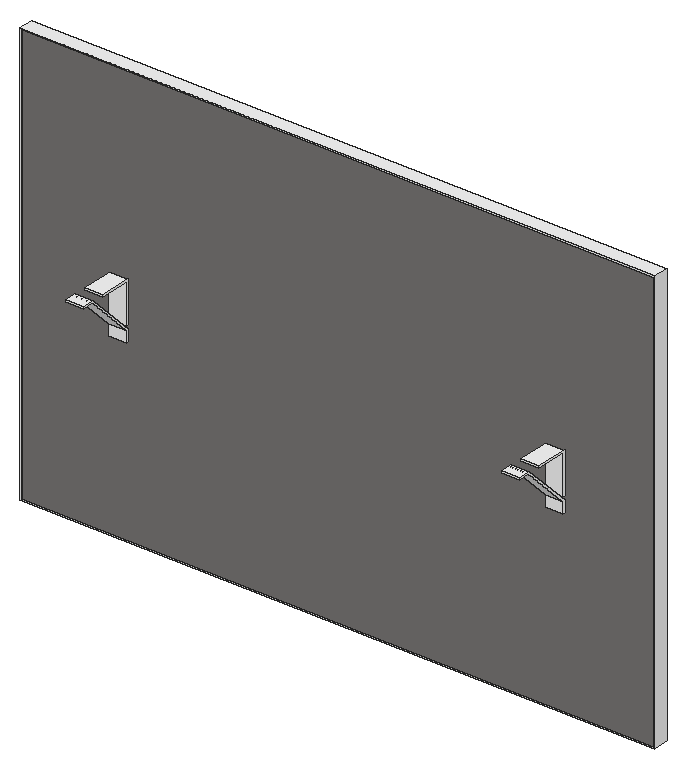
Revit family "Screens-Worksurface_Mounted-Teknion-JNSEFW-Fabric_Elevated-R20161", category Furniture, Revit 2016
Family settings
  OmniClass Number = 23.40.20.00
  OmniClass Title = General Furniture and Specialties
  Work Plane-Based = No
  Always vertical = Yes
  Cut with Voids When Loaded = No
  Shared = Yes
  Room Calculation Point = No
Parameters (values of type "Standard Width")
  Worksurface Only [instance] = yes
  To render, please download texture images found here [instance] = "https://assets.teknion.com/web/5e81352c1dfdb467/revit-material-swatches/"
  Support Connection on Right Side [instance] = no
  Support Connection on Left Side [instance] = no
  Right Offset [instance] = if(and(Support Connection on Right Side, [One Side - Right Width Extension]), 0.750", if(and(Support Connection on Left Side, [One Side - Right Width Extension]), 0.750", if(Both Sides Width Extension, 1.104", if(and(Worksurface Only, [One Side - Right Width Extension]), 0.750", 0.000"))))  # 0.000"
  Right WS Bracket Visibility [instance] = if(or(Support Connection on Left Side, Worksurface Only), 1 < 2, 1 > 2)  # yes
  Right Leg Support Bracket Visibility [instance] = or(Support Connection on Right Side)  # no
  Right Bracket Spacing [instance] = if(and(Worksurface Only, Standard Width), 7.500", if(and(Worksurface Only, [One Side - Right Width Extension]), 8.250", if(and(Worksurface Only, [One Side - Left Width Extension]), 7.500", if(and(Worksurface Only, Both Sides Width Extension), 8.604", if(and(Support Connection on Left Side, Standard Width), 7.500", if(and(Support Connection on Left Side, [One Side - Right Width Extension]), 8.250", if(and(Support Connection on Left Side, [One Side - Left Width Extension]), 7.500", if(and(Support Connection on Left Side, Both Sides Width Extension), 8.604", if(and(Support Connection on Right Side, Standard Width), 6.000", if(and(Support Connection on Right Side, [One Side - Right Width Extension]), 6.750", if(and(Support Connection on Right Side, [One Side - Left Width Extension]), 6.000", if(and(Support Connection on Right Side, Both Sides Width Extension), 7.104", 7.500"))))))))))))  # 7.500"
  One Side - Right Width Extension = no
  One Side - Left Width Extension = no
  Mounting Style Options [instance] = "Please select one of the following below."  # constant formula
  Left WS Bracket Visibility [instance] = if(or(Support Connection on Right Side, Worksurface Only), 1 < 2, 1 > 2)  # yes
  Left Offset [instance] = if(and(Support Connection on Right Side, [One Side - Left Width Extension]), 1.104", if(and(Support Connection on Left Side, [One Side - Left Width Extension]), 1.104", if(Both Sides Width Extension, 1.104", if(and(Worksurface Only, [One Side - Left Width Extension]), 1.104", 0.000"))))  # 0.000"
  Left Leg Support Bracket Visibility [instance] = or(Support Connection on Left Side)  # no
  Left Bracket Spacing [instance] = if(and(Worksurface Only, Standard Width), 7.500", if(and(Worksurface Only, [One Side - Right Width Extension]), 7.500", if(and(Worksurface Only, [One Side - Left Width Extension]), 8.604", if(and(Worksurface Only, Both Sides Width Extension), 8.604", if(and(Support Connection on Left Side, Standard Width), 6.000", if(and(Support Connection on Left Side, [One Side - Right Width Extension]), 6.000", if(and(Support Connection on Left Side, [One Side - Left Width Extension]), 7.104", if(and(Support Connection on Left Side, Both Sides Width Extension), 7.104", if(and(Support Connection on Right Side, Standard Width), 7.500", if(and(Support Connection on Right Side, [One Side - Right Width Extension]), 7.500", if(and(Support Connection on Right Side, [One Side - Left Width Extension]), 8.604", if(and(Support Connection on Right Side, Both Sides Width Extension), 8.604", 7.500"))))))))))))  # 7.500"
  How To Use Teknion Materials User Guide [instance] = "https://assets.teknion.com/m/205dd0a49fa58060/original/How-to-add-a-Material-Library-and-Texture-Images-to-your-Revit-project.pdf"
  For Additional Finishes, please visit [instance] = "https://assets.teknion.com/m/44a8009b046e5d47/original/Teknion_Materials_Library.zip"
  Both Sides Width Extension = no
  Available Widths [instance] = if(Both Sides Width Extension, "48, 54, 60, 66, 72, 78, and 84 inches.", if(or(Support Connection on Left Side, Support Connection on Right Side), "42, 48, 54, 60, 66, 72, 78, and 84 inches.", "24 to 84 inches in 3 inch increments."))  # "24 to 84 inches in 3 inch increments."
  Width [instance] = 48.000"
  Warranty = "http://www.teknion.com/ca/papers/legal-canada"
  Unit Weight URL = "http://www.teknion.com/ca/tools/assets#&asset=bee6a381-b954-425e-8283-5a2de3a804f2,f828d448-4b62-4231-9e5f-9a8991c0ed77"
  URL = "www.teknion.com"
  Sustainability Data = "http://www.teknion.com/ca/tools/assets#&topic=216f99a5-57a0-44fc-b10a-9dee9b29ae4c&asset=444deb64-fe58-4b68-981e-f75e97781df7"
  Series = "Expansion Cityline"  # constant formula
  Screen Metal Frame Finish [instance] = Mica - Teknion - V - Satin - Very White
  Screen Finish [instance] = Fabric - Teknion - Heather Tech - R263 - Obsidian tech
  Product Page URL = "http://www.teknion.com/ca/products/product-details?productlineid=9ad2a26e-8e7a-673b-a6c8-ff05004460c4"
  Product Line = "Expansion Cityline"  # constant formula
  Product Documentation Link = "http://www.teknion.com/pricing/expansion-cityline/pdfs/JNSEFW_ppg.pdf"
  Part Number = "JNSEFW"  # constant formula
  Model = "JNSEFW10__S"
  Manufacturer Phone = "416-661-3370"  # constant formula
  Manufacturer Fax = "416.661.4586"  # constant formula
  Manufacturer Contact Information = "http://www.teknion.com/ca/contactus"
  Manufacturer Address = "1150 Flint Road, Toronto, ON. M3J 2J5. Canada"  # constant formula
  Manufacturer = "Teknion"  # constant formula
  Available Heights [instance] = "42, 51, and 57 inches"  # constant formula
  Height [instance] = 42.000"
  Standard Width = yes
  Description = "Fabric Elevated Screen - Worksurface Mounted, 10\" Modesty Base, Standard Width"
  Assembly Code = "E2020200"
  Actual Height [instance] = if(Height = 51.000", 50.830", Height)  # 42.000"
Types (5): name | Worksurface Only | Support Connection on Left Side | Right Offset | Right Bracket Spacing | One Side - Right Width Extension | One Side - Left Width Extension | Left WS Bracket Visibility | Left Offset | Left Leg Support Bracket Visibility | Left Bracket Spacing | Both Sides Width Extension | Available Widths | Model | Standard Width | Description
  (no name) | yes | no | 0.000" | 7.500" | no | no | yes | 0.000" | no | 7.500" | no | "24 to 84 inches in 3 inch increments." | "JNSEFW10__S" | yes | "Fabric Elevated Screen - Worksurface Mounted, 10\" Modesty Base, Standard Width"
  Standard Width | yes | no | 0.000" | 7.500" | no | no | yes | 0.000" | no | 7.500" | no | "24 to 84 inches in 3 inch increments." | "JNSEFW10__S" | yes | "Fabric Elevated Screen - Worksurface Mounted, 10\" Modesty Base, Standard Width"
  One Side - Left Width Extension | no | yes | 0.000" | 7.500" | no | yes | no | 1.104" | yes | 7.104" | no | "42, 48, 54, 60, 66, 72, 78, and 84 inches." | "JNSEFW10__L" | no | "Fabric Elevated Screen - Worksurface Mounted, 10\" Modesty Base, Left Side Width Extension"
  Both Sides Width Extension | yes | no | 1.104" | 8.604" | no | no | yes | 1.104" | no | 8.604" | yes | "48, 54, 60, 66, 72, 78, and 84 inches." | "JNSEFW10__B" | no | "Fabric Elevated Screen - Worksurface Mounted, 10\" Modesty Base, Both Sides Width Extension"
  One Side - Right Width Extension | yes | no | 0.750" | 8.250" | yes | no | yes | 0.000" | no | 7.500" | no | "24 to 84 inches in 3 inch increments." | "JNSEFW10__R" | no | "Fabric Elevated Screen - Worksurface Mounted, 10\" Modesty Base, Right Side Width Extension"
Reference planes (in)
  plane 1 "Center Front/Back": y = 0
  plane 2: z = 0
  plane 3 "Center Left/Right": x = 0
  plane 4 "Left": x = -24
  plane 5 "Right": x = 24
  plane 6 "Back": y = 1.22244
  plane 7 "Front": y = -3.26772
  plane 8 "Top": z = 42
  plane 9: z = 10
  plane 10: z = 10.07874
  plane 11: z = 41.84252
  plane 12: y = 0.11811
  plane 13: x = -23.921
  plane 14: x = 23.921
  plane 15: z = 23.30315
  plane 16: z = 23.42126
  plane 17: z = 27.69291
  plane 18: z = 27.81102
  plane 19: x = 15.83085
  plane 20: x = 17.16915
  plane 21 "Right Offset": x = 24
  plane 22 "Left Offset": x = -24
  plane 23: x = -16.5
  plane 24: x = 16.5
  plane 25: x = -17.169
  plane 26: x = -15.83071
  plane 27: y = -4.12992
  plane 28: y = -2.32283
  plane 29: y = -0.90551
  plane 30: y = -2.32283
Forms (in)
  Extrusion 1, solid, material "Mica - Teknion - V - Satin - Very White" <- "Screen Metal Frame Finish"
    sketch origin (0, -3.26772, 0) x (-1, 0, 0) y (0, 0, -1)
      loop
        line (24, -42) -> (24, -10) -> (-24, -10) -> (-24, -42) -> (24, -42)
      loop
        line (23.921, -41.84252) -> (23.921, -10.07874) -> (-23.921, -10.07874) -> (-23.921, -41.84252) -> (23.921, -41.84252)
    from -4.49016 to -3.38583
  Extrusion 2, solid, material "Fabric - Teknion - Heather Tech - R263 - Obsidian tech" <- "Screen Finish"
    sketch origin (0, -3.26772, 0) x (-1, 0, 0) y (0, 0, -1)
      loop
        line (23.921, -41.84252) -> (23.921, -10.07874) -> (-23.921, -10.07874) -> (-23.921, -41.84252) -> (23.921, -41.84252)
    from -4.49016 to -3.38583
  Extrusion 3, solid, material "Mica - Teknion - V - Satin - Very White" <- "Screen Metal Frame Finish", visible <- "Left Leg Support Bracket Visibility"
    sketch origin (-24, 0, 0) x (0, 1, 0) y (0, 0, 1)
      loop
        line (-3.26772, 27.81102) -> (-3.26772, 27.69291) -> (0, 27.69291) -> (0, 23.42126) -> (-0.90551, 23.42126) -> (-0.90551, 23.30315) -> (0.11811, 23.30315) -> (0.11811, 27.81102) -> (-3.26772, 27.81102)
    from 6.831 to 8.16929
  Extrusion 4, solid, material "Mica - Teknion - V - Satin - Very White" <- "Screen Metal Frame Finish", visible <- "Right Leg Support Bracket Visibility"
    sketch origin (-24, 0, 0) x (0, 1, 0) y (0, 0, 1)
      loop
        line (-3.26772, 27.81102) -> (-3.26772, 27.69291) -> (0, 27.69291) -> (0, 23.42126) -> (-0.90551, 23.42126) -> (-0.90551, 23.30315) -> (0.11811, 23.30315) -> (0.11811, 27.81102) -> (-3.26772, 27.81102)
    from 39.83085 to 41.16915
  Sweep 5, solid, material "Mica - Teknion - V - Satin - Very White" <- "Screen Metal Frame Finish", visible <- "Right WS Bracket Visibility"
    path origin (0, 0, 0) x (1, 0, 0) y (0, 1, 0)
      loop
        line (17.16915, -0.20926) -> (15.83085, -0.20926)
    profile origin (16.5, -0.20926, 0) x (0, -1, 0) y (0, 0, 1)
      loop
        line (3.05452, 27.81102) -> (-0.32737, 24.42913) -> (-0.32737, 23.56299) -> (-0.20926, 23.56299) -> (-0.20926, 24.38021) -> (3.10344, 27.69291) -> (3.92066, 27.69291) -> (3.92066, 27.81102) -> (3.05452, 27.81102)
      loop
        line (-0.20926, 24.70472) -> (-0.20926, 27.69291) -> (2.11357, 27.69291) -> (2.11357, 27.81102) -> (-0.32737, 27.81102) -> (-0.32737, 24.70472) -> (-0.20926, 24.70472)
  Sweep 6, solid, material "Mica - Teknion - V - Satin - Very White" <- "Screen Metal Frame Finish", visible <- "Left WS Bracket Visibility"
    path origin (0, 0, 0) x (1, 0, 0) y (0, 1, 0)
      loop
        line (-17.169, 0.4304) -> (-15.83071, 0.4304)
    profile origin (-16.49985, 0.4304, 0) x (0, 1, 0) y (0, 0, 1)
      loop
        line (-2.75324, 27.69291) -> (-0.4304, 27.69291) -> (-0.4304, 24.70472) -> (-0.31229, 24.70472) -> (-0.31229, 27.81102) -> (-2.75324, 27.81102) -> (-2.75324, 27.69291)
      loop
        line (-0.31229, 23.56299) -> (-0.31229, 24.42913) -> (-3.69418, 27.81102) -> (-4.56032, 27.81102) -> (-4.56032, 27.69291) -> (-3.74311, 27.69291) -> (-0.4304, 24.38021) -> (-0.4304, 23.56299) -> (-0.31229, 23.56299)
Lines and regions (in)
  Masking region 1
    outline origin (0, 0, 0) x (1, 0, 0) y (0, 1, 0)
      loop
        line (-24, 1.22244) -> (-24, 0.11811) -> (24, 0.11811) -> (24, 1.22244) -> (-24, 1.22244)
  Masking region 2, visible <- "Right Leg Support Bracket Visibility", detail levels medium+fine
    outline origin (0, 0, 0) x (1, 0, 0) y (0, 1, 0)
      loop
        line (17.16915, -3.26772) -> (17.16915, 0.11811) -> (15.83085, 0.11811) -> (15.83085, -3.26772) -> (17.16915, -3.26772)
  Masking region 3, visible <- "Left Leg Support Bracket Visibility", detail levels medium+fine
    outline origin (0, 0, 0) x (0, 1, 0) y (-1, 0, 0)
      loop
        line (-3.26772, 17.169) -> (-3.26772, 15.83071) -> (0.11811, 15.83071) -> (0.11811, 17.169) -> (-3.26772, 17.169)
  Masking region 4, visible <- "Left WS Bracket Visibility", detail levels medium+fine
    outline origin (0, 0, 0) x (1, 0, 0) y (0, 1, 0)
      loop
        line (-17.169, 0.11811) -> (-17.169, -4.12992) -> (-15.83071, -4.12992) -> (-15.83071, 0.11811) -> (-17.169, 0.11811)
  Masking region 5, visible <- "Right WS Bracket Visibility", detail levels medium+fine
    outline origin (0, 0, 0) x (1, 0, 0) y (0, 1, 0)
      loop
        line (15.83085, -4.12992) -> (17.16915, -4.12992) -> (17.16915, 0.11811) -> (15.83085, 0.11811) -> (15.83085, -4.12992)
  symbolic lines, style "FurnitureHiddenLines", visible <- "Left Leg Support Bracket Visibility", detail levels medium+fine
    curve 1: line (-17.16929, 0, 0) -> (-15.83071, 0, 0)
  symbolic lines, style "FurnitureHiddenLines", visible <- "Right Leg Support Bracket Visibility", detail levels medium+fine
    curve 2: line (15.83085, 0, 0) -> (17.16915, 0, 0)
  symbolic lines, style "FurnitureHiddenLines", detail levels medium+fine
    curve 3: line (23.921, 1.22244, 0) -> (23.921, 0.11811, 0)
    curve 4: line (-23.921, 1.22244, 0) -> (-23.921, 0.11811, 0)
  reference lines, not visible
    curve 5: line (-24, 0.11811, 0) -> (24, 0.11811, 0)
    curve 6: line (-24, 1.22244, 0) -> (24, 1.22244, 0)
    curve 7: line (24, 1.22244, 0) -> (24, 0.11811, 0)
    curve 8: line (-24, 1.22244, 0) -> (-24, 0.11811, 0)
  symbolic lines, style "FurnitureHiddenLines", visible <- "Right Leg Support Bracket Visibility", detail levels fine
    curve 9: line (15.83085, -0.90551, 0) -> (17.16915, -0.90551, 0)
  symbolic lines, style "FurnitureHiddenLines", visible <- "Left Leg Support Bracket Visibility", detail levels fine
    curve 10: line (-17.169, -0.90551, 0) -> (-15.83071, -0.90551, 0)
  symbolic lines, style "FurnitureHiddenLines", visible <- "Left WS Bracket Visibility", detail levels fine
    curve 11: line (-15.83071, -3.3127, 0) -> (-17.169, -3.3127, 0)
    curve 12: line (-15.83071, -3.26378, 0) -> (-17.169, -3.26378, 0)
    curve 13: line (-17.169, -2.32283, 0) -> (-15.83071, -2.32283, 0)
    curve 14: line (-17.169, 0, 0) -> (-15.83071, 0, 0)
  symbolic lines, style "FurnitureHiddenLines", visible <- "Right WS Bracket Visibility", detail levels fine
    curve 15: line (15.83085, 0, 0) -> (17.16915, 0, 0)
    curve 16: line (15.83085, -2.32283, 0) -> (17.16915, -2.32283, 0)
    curve 17: line (15.83085, -3.3127, 0) -> (17.16915, -3.3127, 0)
    curve 18: line (15.83085, -3.26378, 0) -> (17.16915, -3.26378, 0)
Dimensions and locks (in)
  "Width": plane 4 "Left" to plane 5 "Right"
  plane 6 "Back" to plane 12 to plane 1 "Center Front/Back" to plane 7 "Front" = 1.10433" locked, 0.11811" locked, 3.26772"
  "Actual Height": plane 8 "Top" to level
  plane 18 to plane 17 to plane 16 to plane 15 to plane 10 to plane 9 to level = 0.11811" locked, 4.27165" locked, 0.11811" locked, 13.22441" locked, 0.07874" locked, 10.000" locked
  locked: plane 22 "Left Offset" to plane 13 at 0.079
  locked: plane 14 to plane 21 "Right Offset" at 0.079
  locked: plane 8 "Top" to plane 11 at 0.15748
  "Right Offset": plane 5 "Right" to plane 21 "Right Offset"
  "Left Offset": plane 22 "Left Offset" to plane 4 "Left"
  plane 25 to plane 23 to plane 26 = 0.669" locked, 0.66929" locked
  "Right Bracket Spacing": plane 24 to plane 21 "Right Offset"
  "Left Bracket Spacing": plane 22 "Left Offset" to plane 23
  equal spacing: plane 22 "Left Offset", plane 3 "Center Left/Right", plane 21 "Right Offset"
  plane 19 to plane 24 to plane 20 = 0.66915" locked, 0.66915" locked
  locked: plane 27 to plane 12 at 4.24803
  locked: plane 28 to plane 6 "Back" at 3.54528
  plane 27 to Sweep 5 sketch curve to Sweep 5 sketch curve to Sweep 5 sketch curve to Sweep 5 sketch curve = 0.81722" locked, 0.04892" locked, 3.26378" locked, 0.11811" locked
  Sweep 5 sketch curve to Sweep 5 sketch curve to Sweep 5 sketch curve to Sweep 5 sketch curve to Sweep 5 sketch curve to plane 18 to Sweep 5 sketch curve = 0.81722" locked, 0.04892" locked, 0.27559" locked, 2.98819" locked, 0.11811" locked, 0.000" locked
  locked: plane 12 to plane 29 at 1.02362
  locked: plane 12 to plane 30 at 2.44094
  Sweep 6 sketch curve to Sweep 6 sketch curve to Sweep 6 sketch curve to Sweep 6 sketch curve to plane 18 = 0.81722" locked, 0.04892" locked, 0.27559" locked, 3.1063" locked
  aligned and locked: level to plane 2
  aligned and locked: Extrusion 1 sketch curve to plane 14
  aligned and locked: Extrusion 1 sketch curve to plane 11
  aligned and locked: plane 13 to Extrusion 1 sketch curve
  aligned and locked: Extrusion 1 sketch curve to plane 10
  aligned and locked: plane 6 "Back" to Extrusion 1
  aligned and locked: Extrusion 1 to plane 12
  aligned and locked: Extrusion 2 sketch curve to plane 11
  aligned and locked: plane 13 to Extrusion 2 sketch curve
  aligned and locked: Extrusion 2 sketch curve to plane 14
  aligned and locked: Extrusion 2 sketch curve to plane 10
  aligned and locked: plane 6 "Back" to Extrusion 2
  aligned and locked: Extrusion 2 to plane 12
  aligned and locked: Extrusion 4 sketch curve to plane 18
  aligned and locked: plane 15 to Extrusion 4 sketch curve
  aligned and locked: plane 16 to Extrusion 4 sketch curve
  aligned and locked: plane 1 "Center Front/Back" to Extrusion 4 sketch curve
  aligned and locked: Extrusion 4 sketch curve to plane 17
  aligned and locked: plane 12 to Extrusion 4 sketch curve
  aligned and locked: plane 12 to Masking region 1 sketch curve
  aligned and locked: Masking region 1 sketch curve to plane 6 "Back"
  aligned and locked: curve 3 to plane 14
  aligned and locked: curve 4 to plane 13
  aligned and locked: plane 12 to Extrusion 3
  aligned and locked: plane 1 "Center Front/Back" to Extrusion 3
  aligned and locked: Extrusion 3 to plane 16
  aligned and locked: plane 15 to Extrusion 3
  aligned and locked: Extrusion 3 to plane 18
  aligned and locked: plane 17 to Extrusion 3
  aligned and locked: Extrusion 3 to plane 25
  aligned and locked: Extrusion 3 to plane 26
  aligned and locked: plane 22 "Left Offset" to Extrusion 1 sketch curve
  aligned and locked: Extrusion 1 sketch curve to plane 21 "Right Offset"
  aligned and locked: Extrusion 1 sketch curve to plane 9
  aligned and locked: Extrusion 1 sketch curve to plane 8 "Top"
  aligned and locked: plane 1 "Center Front/Back" to curve 1
  aligned and locked: plane 1 "Center Front/Back" to curve 2
  aligned and locked: curve 5 to plane 12
  aligned and locked: curve 6 to plane 6 "Back"
  aligned and locked: curve 7 to plane 21 "Right Offset"
  aligned and locked: curve 8 to plane 22 "Left Offset"
  aligned and locked: plane 19 to Sweep 5 sketch curve
  aligned and locked: plane 20 to Sweep 5 sketch curve
  aligned and locked: plane 27 to Sweep 5 sketch curve
  aligned and locked: Sweep 5 sketch curve to plane 17  (x2)
  aligned and locked: Sweep 5 sketch curve to plane 1 "Center Front/Back"
  aligned and locked: Sweep 5 sketch curve to plane 12
  aligned and locked: plane 18 to Sweep 5 sketch curve
  aligned and locked: plane 28 to Sweep 5 sketch curve
  aligned and locked: Extrusion 3 sketch curve to plane 29
  aligned and locked: plane 7 "Front" to Extrusion 3 sketch curve
  aligned and locked: plane 7 "Front" to Extrusion 4 sketch curve
  aligned and locked: Extrusion 4 sketch curve to plane 29
  aligned and locked: Sweep 5 to plane 20
  aligned and locked: Sweep 5 to plane 19
  aligned and locked: plane 25 to Sweep 6 sketch curve
  aligned and locked: plane 26 to Sweep 6 sketch curve
  aligned and locked: plane 17 to Sweep 6 sketch curve  (x2)
  aligned and locked: plane 18 to Sweep 6 sketch curve
  aligned and locked: plane 1 "Center Front/Back" to Sweep 6 sketch curve
  aligned and locked: plane 12 to Sweep 6 sketch curve
  aligned and locked: plane 30 to Sweep 6 sketch curve
  aligned and locked: Sweep 6 sketch curve to plane 12
  aligned and locked: Sweep 6 sketch curve to plane 18
  aligned and locked: Sweep 6 to plane 25
  aligned and locked: Sweep 6 to plane 26
  aligned and locked: Extrusion 4 to plane 20
  aligned and locked: Extrusion 4 to plane 19
  aligned and locked: Masking region 2 sketch curve to plane 19
  aligned and locked: Masking region 2 sketch curve to plane 12
  aligned and locked: Masking region 2 sketch curve to plane 20
  aligned and locked: Masking region 2 sketch curve to plane 7 "Front"
  aligned and locked: Masking region 3 sketch curve to plane 25
  aligned and locked: plane 12 to Masking region 3 sketch curve
  aligned and locked: Masking region 3 sketch curve to plane 26
  aligned and locked: plane 7 "Front" to Masking region 3 sketch curve
  aligned and locked: curve 9 to Extrusion 4
  aligned and locked: curve 10 to Extrusion 3
  aligned and locked: plane 27 to Masking region 4 sketch curve
  aligned and locked: Masking region 4 sketch curve to plane 26
  aligned and locked: Masking region 4 sketch curve to plane 25
  aligned and locked: Masking region 4 sketch curve to plane 12
  aligned and locked: curve 11 to Sweep 6
  aligned and locked: curve 12 to Sweep 6
  aligned and locked: curve 13 to Sweep 6
  aligned and locked: curve 14 to Sweep 6
  aligned and locked: Masking region 5 sketch curve to plane 27
  aligned and locked: Masking region 5 sketch curve to plane 20
  aligned and locked: Masking region 5 sketch curve to plane 19
  aligned and locked: Masking region 5 sketch curve to plane 12
  aligned and locked: curve 15 to Sweep 5
  aligned and locked: curve 16 to Sweep 5
  aligned and locked: curve 17 to Sweep 5
  aligned and locked: curve 18 to Sweep 5
  aligned and locked: Masking region 1 sketch curve to plane 21 "Right Offset"
  aligned and locked: plane 22 "Left Offset" to Masking region 1 sketch curve
Automatic sketch dimensions
  curve 1 to plane 26 = 0.000"
  curve 2 to plane 19 = 0.000"
  curve 2 to plane 20 = 0.000"
  curve 3 to plane 12 = 0.000"
  curve 4 to plane 12 = 0.000"
  curve 4 to plane 6 "Back" = 0.000"
  curve 3 to plane 6 "Back" = 0.000"
  curve 1 to plane 25 = 0.00029"
  Extrusion 1 sketch curve to plane 13 = 0.000"
  Extrusion 3 sketch curve to plane 1 "Center Front/Back" = 0.000"
  Extrusion 3 sketch curve to plane 12 = 0.000"
  plane 15 to Extrusion 3 sketch curve = 0.000"
  plane 16 to Extrusion 3 sketch curve = 0.000"
  Extrusion 3 sketch curve to plane 17 = 0.000"
  plane 18 to Extrusion 3 sketch curve = 0.000"
  plane 1 "Center Front/Back" to Sweep 5 sketch curve = 0.20926"
  plane 12 to Sweep 6 sketch curve = 0.31229"
  Sweep 6 sketch curve to Sweep 6 sketch curve = 0.94094"
  Sweep 6 sketch curve to Sweep 6 sketch curve = 0.04892"
  Sweep 6 sketch curve to Sweep 6 sketch curve = 0.81722"
  Sweep 6 sketch curve to Sweep 6 sketch curve = 0.11811"
  curve 9 to plane 19 = 0.000"
  curve 9 to plane 20 = 0.000"
  curve 10 to plane 25 = 0.000"
  curve 10 to plane 26 = 0.000"
  curve 11 to plane 25 = 0.000"
  curve 11 to plane 26 = 0.000"
  curve 12 to plane 25 = 0.000"
  curve 12 to plane 26 = 0.000"
  curve 13 to plane 25 = 0.000"
  curve 13 to plane 26 = 0.000"
  curve 14 to plane 25 = 0.000"
  curve 14 to plane 26 = 0.000"
  curve 15 to plane 19 = 0.000"
  curve 15 to plane 20 = 0.000"
  curve 16 to plane 19 = 0.000"
  curve 16 to plane 20 = 0.000"
  curve 17 to plane 19 = 0.000"
  curve 17 to plane 20 = 0.000"
  curve 18 to plane 19 = 0.000"
  curve 18 to plane 20 = 0.000"
